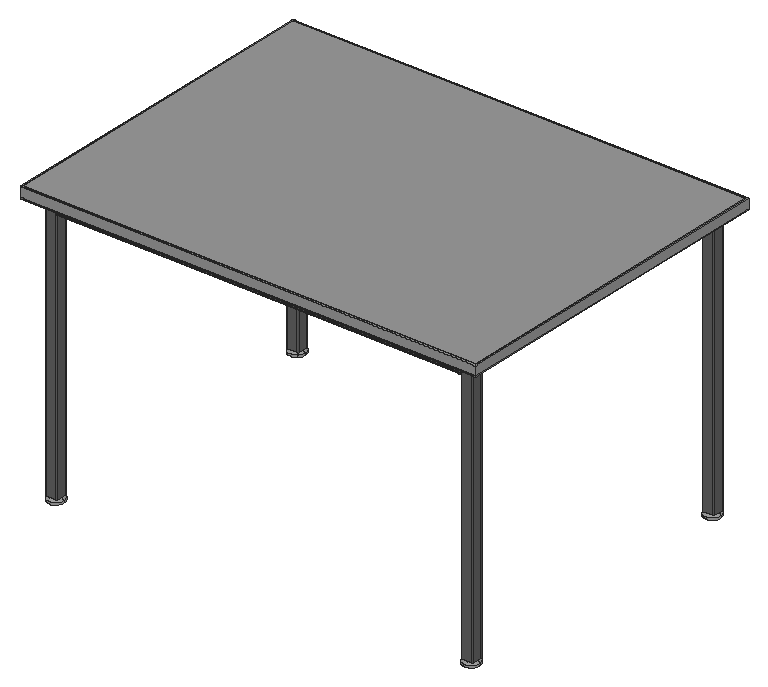
Revit family "Tutor 4836", category Generic Models, Revit 2018
Family settings
  Can host rebar = No
  Round Connector Dimension = Use Diameter
  Part Type = Normal
  Work Plane-Based = No
  Always vertical = Yes
  Cut with Voids When Loaded = No
  Shared = No
  Room Calculation Point = No
Parameters
  Surface = Tutor 4836 Surface
  Frame Finish = Tutor Frame Charcoal
  Edgeband = Tutor 4836 Edgeband
Reference planes (in)
  plane 1 "Center (Front/Back)": y = 0
  plane 2: z = 0
  plane 3 "Center (Left/Right)": x = 0
Forms (in)
  Extrusion 1, solid, material "Tutor Frame Charcoal" <- "Frame Finish"
    sketch origin (0, 0, -7) x (0, 1, 0) y (0, 0, 1)
      loop
        arc (16.4, 34.29492) -> (16.47071, 34.32421) -> (16.5, 34.39492) r 0.1
        line (16.5, 34.39492) -> (16.5, 35.44492)
        arc (16.5, 35.44492) -> (16.47071, 35.51563) -> (16.4, 35.54492) r 0.1
        line (16.4, 35.54492) -> (15.35, 35.54492)
        arc (15.35, 35.54492) -> (15.27929, 35.51563) -> (15.25, 35.44492) r 0.1
        line (15.25, 35.44492) -> (15.25, 34.39492)
        arc (15.25, 34.39492) -> (15.27929, 34.32421) -> (15.35, 34.29492) r 0.1
        line (15.35, 34.29492) -> (16.4, 34.29492)
      loop
        line (-16.4, 34.29492) -> (-15.35, 34.29492)
        arc (-15.35, 34.29492) -> (-15.27929, 34.32421) -> (-15.25, 34.39492) r 0.1
        line (-15.25, 34.39492) -> (-15.25, 35.44492)
        arc (-15.25, 35.44492) -> (-15.27929, 35.51563) -> (-15.35, 35.54492) r 0.1
        line (-15.35, 35.54492) -> (-16.4, 35.54492)
        arc (-16.4, 35.54492) -> (-16.47071, 35.51563) -> (-16.5, 35.44492) r 0.1
        line (-16.5, 35.44492) -> (-16.5, 34.39492)
        arc (-16.5, 34.39492) -> (-16.47071, 34.32421) -> (-16.4, 34.29492) r 0.1
    from -21.25 to 21.25
  Extrusion 2, solid, material "Tutor Frame Charcoal" <- "Frame Finish"
    sketch origin (0, 0, -7) x (1, 0, 0) y (0, 0, 1)
      loop
        arc (-21.35, 34.29492) -> (-21.27929, 34.32421) -> (-21.25, 34.39492) r 0.1
        line (-21.25, 34.39492) -> (-21.25, 35.44492)
        arc (-21.25, 35.44492) -> (-21.27929, 35.51563) -> (-21.35, 35.54492) r 0.1
        line (-21.35, 35.54492) -> (-22.4, 35.54492)
        arc (-22.4, 35.54492) -> (-22.47071, 35.51563) -> (-22.5, 35.44492) r 0.1
        line (-22.5, 35.44492) -> (-22.5, 34.39492)
        arc (-22.5, 34.39492) -> (-22.47071, 34.32421) -> (-22.4, 34.29492) r 0.1
        line (-22.4, 34.29492) -> (-21.35, 34.29492)
      loop
        line (21.35, 34.29492) -> (22.4, 34.29492)
        arc (22.4, 34.29492) -> (22.47071, 34.32421) -> (22.5, 34.39492) r 0.1
        line (22.5, 34.39492) -> (22.5, 35.44492)
        arc (22.5, 35.44492) -> (22.47071, 35.51563) -> (22.4, 35.54492) r 0.1
        line (22.4, 35.54492) -> (21.35, 35.54492)
        arc (21.35, 35.54492) -> (21.27929, 35.51563) -> (21.25, 35.44492) r 0.1
        line (21.25, 35.44492) -> (21.25, 34.39492)
        arc (21.25, 34.39492) -> (21.27929, 34.32421) -> (21.35, 34.29492) r 0.1
    from -15.25 to 15.25
  Extrusion 3, solid, material "Tutor 4836 Surface" <- "Surface"
    sketch origin (0, 0, -7) x (1, 0, 0) y (0, 1, 0)
      loop
        line (23.88189, 17.79339) -> (-23.88189, 17.79339) -> (-23.88189, -17.79339) -> (23.88189, -17.79339) -> (23.88189, 17.79339)
    from 35.54492 to 36.74492
  Sweep 4, solid, material "Tutor 4836 Edgeband" <- "Edgeband"
    path origin (0, 0, -7) x (1, 0, 0) y (0, 1, 0)
      loop
        line (23.88189, 17.79339) -> (-23.88189, 17.79339) -> (-23.88189, -17.79339) -> (23.88189, -17.79339) -> (23.88189, 17.79339)
    profile origin (0, 17.79339, -7) x (0, -1, 0) y (0, 0, 1)
      loop
        arc (0, 36.74492) -> (-0.08352, 36.71033) -> (-0.11811, 36.62681) r 0.11811
        line (-0.11811, 36.62681) -> (-0.11811, 35.66303)
        arc (-0.11811, 35.66303) -> (-0.08352, 35.57952) -> (0, 35.54492) r 0.11811
        line (0, 35.54492) -> (0, 36.74492)
  Extrusion 5, solid, material "Tutor Frame Charcoal" <- "Frame Finish"
    sketch origin (0, 0, -7) x (1, 0, 0) y (0, 1, 0)
      loop
        line (-21.375, 16.5) -> (-22.375, 16.5)
        arc (-22.375, 16.5) -> (-22.46339, 16.46339) -> (-22.5, 16.375) r 0.125
        line (-22.5, 16.375) -> (-22.5, 15.375)
        arc (-22.5, 15.375) -> (-22.46339, 15.28661) -> (-22.375, 15.25) r 0.125
        line (-22.375, 15.25) -> (-21.375, 15.25)
        arc (-21.375, 15.25) -> (-21.28661, 15.28661) -> (-21.25, 15.375) r 0.125
        line (-21.25, 15.375) -> (-21.25, 16.375)
        arc (-21.25, 16.375) -> (-21.28661, 16.46339) -> (-21.375, 16.5) r 0.125
      loop
        arc (21.375, 16.5) -> (21.28661, 16.46339) -> (21.25, 16.375) r 0.125
        line (21.25, 16.375) -> (21.25, 15.375)
        arc (21.25, 15.375) -> (21.28661, 15.28661) -> (21.375, 15.25) r 0.125
        line (21.375, 15.25) -> (22.375, 15.25)
        arc (22.375, 15.25) -> (22.46339, 15.28661) -> (22.5, 15.375) r 0.125
        line (22.5, 15.375) -> (22.5, 16.375)
        arc (22.5, 16.375) -> (22.46339, 16.46339) -> (22.375, 16.5) r 0.125
        line (22.375, 16.5) -> (21.375, 16.5)
      loop
        arc (-21.375, -16.5) -> (-21.28661, -16.46339) -> (-21.25, -16.375) r 0.125
        line (-21.25, -16.375) -> (-21.25, -15.375)
        arc (-21.25, -15.375) -> (-21.28661, -15.28661) -> (-21.375, -15.25) r 0.125
        line (-21.375, -15.25) -> (-22.375, -15.25)
        arc (-22.375, -15.25) -> (-22.46339, -15.28661) -> (-22.5, -15.375) r 0.125
        line (-22.5, -15.375) -> (-22.5, -16.375)
        arc (-22.5, -16.375) -> (-22.46339, -16.46339) -> (-22.375, -16.5) r 0.125
        line (-22.375, -16.5) -> (-21.375, -16.5)
      loop
        line (21.375, -16.5) -> (22.375, -16.5)
        arc (22.375, -16.5) -> (22.46339, -16.46339) -> (22.5, -16.375) r 0.125
        line (22.5, -16.375) -> (22.5, -15.375)
        arc (22.5, -15.375) -> (22.46339, -15.28661) -> (22.375, -15.25) r 0.125
        line (22.375, -15.25) -> (21.375, -15.25)
        arc (21.375, -15.25) -> (21.28661, -15.28661) -> (21.25, -15.375) r 0.125
        line (21.25, -15.375) -> (21.25, -16.375)
        arc (21.25, -16.375) -> (21.28661, -16.46339) -> (21.375, -16.5) r 0.125
    from 7.41992 to 35.54492
  Revolve 6, solid, material "Tutor Frame Platinum"
    sketch origin (6, -15.875, 0) x (1, 0, 0) y (0, 0, 1)
      loop
        line (-27.875, 0.41992) -> (-27.875, 0) -> (-27.00001, 0) -> (-27.00001, 0.16993) -> (-27.25, 0.41992) -> (-27.875, 0.41992)
      axis (-27.875, 0.41992) -> (-27.875, 0)
    angle from 0 to 360
  Revolve 7, solid, material "Tutor Frame Platinum"
    sketch origin (6, 15.875, 0) x (1, 0, 0) y (0, 0, -1)
      loop
        line (-27.875, -0.41992) -> (-27.25, -0.41992) -> (-27.00001, -0.16993) -> (-27.00001, 0) -> (-27.875, 0) -> (-27.875, -0.41992)
      axis (-27.875, -0.41992) -> (-27.875, 0)
    angle from 0 to 360
  Revolve 8, solid, material "Tutor Frame Platinum"
    sketch origin (-6, 15.875, 0) x (-1, 0, 0) y (0, 0, 1)
      loop
        line (-27.875, 0.41992) -> (-27.875, 0) -> (-27.00001, 0) -> (-27.00001, 0.16993) -> (-27.25, 0.41992) -> (-27.875, 0.41992)
      axis (-27.875, 0.41992) -> (-27.875, 0)
    angle from 0 to 360
  Revolve 9, solid, material "Tutor Frame Platinum"
    sketch origin (-6, -15.875, 0) x (-1, 0, 0) y (0, 0, -1)
      loop
        line (-27.875, -0.41992) -> (-27.25, -0.41992) -> (-27.00001, -0.16993) -> (-27.00001, 0) -> (-27.875, 0) -> (-27.875, -0.41992)
      axis (-27.875, -0.41992) -> (-27.875, 0)
    angle from 0 to 360
Dimensions and locks (in)
  aligned and locked: plane 2 to level
